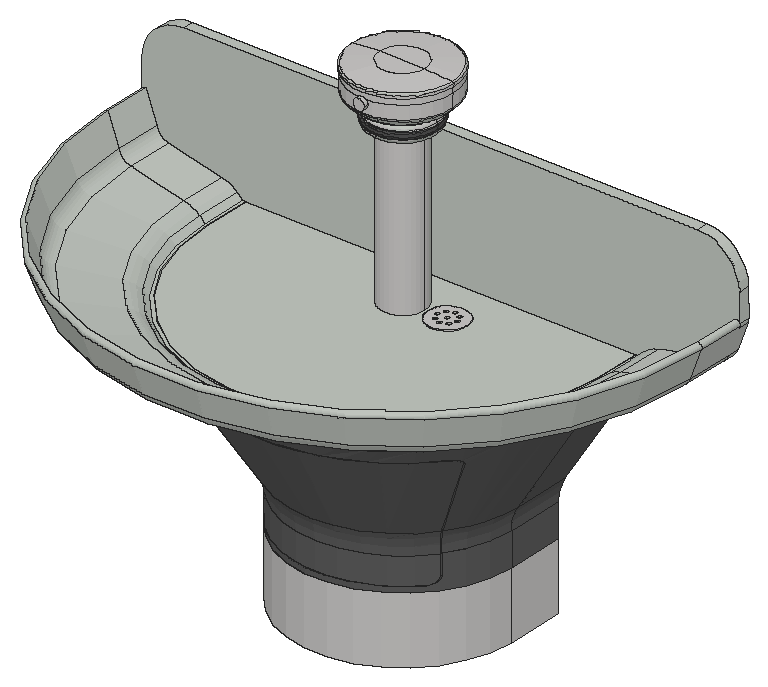
Revit family "Washfountain_Lavatory-Bradley_Corp-TDB3104-Type_H_Drain", category Plumbing Fixtures, Revit 2012
Parameters (values of type "Juvenile")
  Width = 54.000"
  Warranty Information = "Terreon® material warranted for ten years. All other components warranted for one year. This warranty does not cover installation or any other labor charges and does not apply to any units, which have been damaged by accident, abuse, improper installation, improper maintenance, or altered in any way."
  WFU = 0
  Voltage = 110 V
  Version = "2.0"
  Vent Radius = Vent / 2  # 3/4"
  Vent = 1 1/2"
  URL = "http://www.bradleycorp.com/"
  Towel Dispenser Holder [instance] = if(and(Soap Dispenser, Model ID = 2), 4.560", if(and(Soap Dispenser, Model ID = 1), 5.060", 4.396"))  # 4.396"
  Towel Dispenser Height [instance] = if(and(Soap Dispenser, Model ID = 2), 60.310", if(and(Soap Dispenser, Model ID = 1), 56.310", if(and(No Soap Dispenser, Model ID = 2), 51.810", 47.810")))  # 47.810"
  TouchTime® Control [instance] = yes
  Technical Data = "n/a"
  Supply Height [instance] = if(and(Towel Dispenser, Soap Dispenser, Model ID = 2), 80.313", if(and(Towel Dispenser, No Soap Dispenser, Model ID = 2), 71.813", (if(and(No Towel Dispenser, Soap Dispenser, Model ID = 2), 55.750", (if(and(No Towel Dispenser, No Soap Dispenser, Model ID = 2), 47.414", if(and(Towel Dispenser, Soap Dispenser, Model ID = 1), 75.813", if(and(Towel Dispenser, No Soap Dispenser, Model ID = 1), 67.313", if(and(No Towel Dispenser, Soap Dispenser, Model ID = 1), 51.250", 43.414")))))))))  # 43.414"
  Standard Height = Model ID = 2  # no
  Spray Head Height = 39.719"
  Specifications URL = "http://www.bradleycorp.com/3partspec"
  Soap Dispenser Height = 51.250"
  Sensor Module Height = 43.414"
  Rim Height = 30.000"
  Product Tech Data URL - Spanish = ""
  Product Tech Data URL - French = ""
  Product Tech Data URL - English = "http://bradleycorp.com/download/1293/2055.pdf"
  Pedestal Material = Fibreglass - Bradley Corp - Black
  Pedestal Height = 23.500"
  Operating Water Pressure Range = "20 - 80 PSI"
  OmniClass Title = "Sinks/Lavatories"
  OmniClass Table 23 Title = "Sinks/Lavatories"
  OmniClass Table 23 Number = "23-31 13 00"
  OmniClass Table 21 Title = "Plumbing Fixtures"
  OmniClass Table 21 Number = "21-04 20 10 60"
  No Towel Dispenser [instance] = not(Towel Dispenser)  # yes
  No Soap Dispenser [instance] = not(Soap Dispenser)  # yes
  Modeling Code = ""
  Model ID = 1
  Model = "TDB3104"
  Material Note = "Other Terreon® colors available - See www.bradleycorp.com "
  MasterFormat Title = "Commercial Lavatories and Sinks"
  MasterFormat Number = "22 42 16"
  Manufacturer = "Bradley Corp"
  Juvenile Height = Model ID = 1  # yes
  Industry Standards = " ANSI Z124.3, Z124.6 and ANSI/ICPA SS-1-2001"
  Hot Lavatory Inlet Secondary Radius = Hot Lavatory Inlet Secondary / 2  # 1/2"
  Hot Lavatory Inlet Secondary = 1"
  Hot Lavatory Inlet Primary Radius = Hot Lavatory Inlet Primary / 2  # 1/2"
  Hot Lavatory Inlet Primary = 1"
  HWFU = 0
  Frequency = 50 Hz
  Flow Rate = 2.5 GPM
  Fire Rating = "n/a"
  Drain Radius = Drain / 2  # 1"
  Drain = 2"
  Description = "54\" Semi-Circular, Deep Bowl Washfountain"
  Copyright = "This Model Data is Property of Bradley Corporation"
  Cold Lavatory Inlet Secondary Radius = Cold Lavatory Inlet Secondary / 2  # 1/2"
  Cold Lavatory Inlet Secondary = 1"
  Cold Lavatory Inlet Primary Radius = Cold Lavatory Inlet Primary / 2  # 1/2"
  Cold Lavatory Inlet Primary = 1"
  CWFU = 0
  Buy American Act = "No"
  Button Visibility [instance] = or(TouchTime® Control, Air Valve Hand Control)  # yes
  Bowl Material [instance] = Stone - Bradley Corp - Empire Gray
  Assembly Code = "D2010300"
  Air Valve Hand Control [instance] = no
  Adaptive Infrared Activation Control [instance] = no
  ADA Compliant = "Yes"
  Soap Dispenser [instance] = no
  Towel Dispenser [instance] = no
Reference planes (in)
  plane 1 "Center (Front/Back)": y = 0
  plane 2: z = 0
  plane 3 "Center (Left/Right)": x = 0
  plane 4 "Left": x = -27
  plane 5 "Right": x = 27
  plane 6 "Towel Dispenser": z = 47.81
  plane 7 "Soap Dispenser": z = 51.25
  plane 8 "Sensor Module": z = 43.414
  plane 9 "Spray Head": z = 39.719
  plane 10 "Rim Height": z = 30
  plane 11 "Pedestal Height": z = 23.5
  plane 12: y = -32.24695
  plane 13: y = -5.3402
Forms (in)
  Extrusion 1, solid, material "Stainless Steel - Bradley Corp - Satin"
    sketch origin (0, 0, 0) x (1, 0, 0) y (0, 1, 0)
      loop
        arc (-9.75, -5.25) -> (0, -15) -> (9.75, -5.25) r 9.75
        line (9.75, -5.25) -> (9.75, 0) -> (-9.75, 0) -> (-9.75, -5.25)
    from 0 to 6.02
  Sweep 2, solid, material "Fibreglass - Bradley Corp - Black" <- "Pedestal Material", detail levels coarse
    path in 3D
      loop
        line (-9.75, 0, 6.02) -> (-9.75, -5.25, 6.02)
        arc (-9.75, -5.25, 6.02) -> (0, -15, 6.02) -> (9.75, -5.25, 6.02) r 9.75
        line (9.75, -5.25, 6.02) -> (9.75, 0, 6.02)
    profile origin (-9.75, -2.625, 6.02) x (1, 0, 0) y (0, 0, 1)
      loop
        line (-0.62812, 5.13184) -> (0, 2.98) -> (0, 0) -> (0.5, 0) -> (0.5, 2.98) -> (-0.20663, 5.40082) -> (-6.67795, 15.54125) -> (-7.23012, 17.48) -> (-7.75, 17.48) -> (-7.13879, 15.33394) -> (-0.62812, 5.13184)
  Sweep 3, solid, material "Fibreglass - Bradley Corp - Black" <- "Pedestal Material", detail levels medium+fine
    path in 3D
      loop
        line (-9.75, 0, 6.02) -> (-9.75, -5.25, 6.02)
        arc (-9.75, -5.25, 6.02) -> (0, -15, 6.02) -> (9.75, -5.25, 6.02) r 9.75
        line (9.75, -5.25, 6.02) -> (9.75, 0, 6.02)
    profile origin (-9.75, -2.625, 6.02) x (1, 0, 0) y (0, 0, 1)
      loop
        line (-7.13879, 15.33394) -> (-0.62812, 5.13184)
        arc (-0.62812, 5.13184) -> (-0.16024, 4.10082) -> (0, 2.98) r 4
        line (0, 2.98) -> (0, 0) -> (0.5, 0) -> (0.5, 2.98) -> (-0.20663, 5.40082) -> (-6.67795, 15.54125) -> (-7.23012, 17.48) -> (-7.61822, 17.48)
        arc (-7.61822, 17.48) -> (-7.70221, 17.43276) -> (-7.72517, 17.33917) r 0.12116
        arc (-7.72517, 17.33917) -> (-7.49023, 16.31952) -> (-7.13879, 15.33394) r 9.0211
  Sweep 4, solid, material "Stone - Bradley Corp - Empire Gray" <- "Bowl Material", visible <- "Standard Height", detail levels coarse
    path in 3D
      loop
        line (-9.75, -0.99695, 6.02) -> (-9.75, -5.25, 6.02)
        arc (-9.75, -5.25, 6.02) -> (0, -15, 6.02) -> (9.75, -5.25, 6.02) r 9.75
        line (9.75, -5.25, 6.02) -> (9.75, -0.99695, 6.02)
    profile origin (-9.75, -3.12347, 6.02) x (1, 0, 0) y (0, 0, 1)
      loop
        line (-8.69027, 19.99893) -> (-8.25, 17.48) -> (-7.74242, 17.48) -> (-7.74242, 17.98) -> (-8.22286, 20.22877) -> (-9.87228, 22.03159) -> (-14.93805, 23.3892) -> (-16.52873, 27.98) -> (-17.05789, 27.98) -> (-15.32366, 22.9749) -> (-10.14268, 21.58641) -> (-8.69027, 19.99893)
  Sweep 5, solid, material "Stone - Bradley Corp - Empire Gray" <- "Bowl Material", visible <- "Standard Height", detail levels medium+fine
    path in 3D
      loop
        line (-9.75, -0.99695, 6.02) -> (-9.75, -5.25, 6.02)
        arc (-9.75, -5.25, 6.02) -> (0, -15, 6.02) -> (9.75, -5.25, 6.02) r 9.75
        line (9.75, -5.25, 6.02) -> (9.75, -0.99695, 6.02)
    profile origin (-9.75, -3.12347, 6.02) x (1, 0, 0) y (0, 0, 1)
      loop
        arc (-16.68727, 27.98028) -> (-16.93198, 27.88933) -> (-17.05789, 27.66063) r 0.37468
        line (-17.05789, 27.66063) -> (-17.21443, 26.6064)
        arc (-17.21443, 26.6064) -> (-17.23048, 26.36063) -> (-17.2061, 26.11555) r 1.5
        line (-17.2061, 26.11555) -> (-16.95433, 24.74241)
        arc (-16.95433, 24.74241) -> (-16.39494, 23.62252) -> (-15.32366, 22.9749) r 2.25
        line (-15.32366, 22.9749) -> (-10.14268, 21.58641)
        arc (-10.14268, 21.58641) -> (-9.1848, 21.00462) -> (-8.69027, 19.99893) r 2
        line (-8.69027, 19.99893) -> (-8.26736, 17.57934)
        arc (-8.26736, 17.57934) -> (-8.22636, 17.50813) -> (-8.14915, 17.48) r 0.12
        line (-8.14915, 17.48) -> (-7.74242, 17.48) -> (-7.74242, 17.98)
        arc (-7.74242, 17.98) -> (-7.8103, 18.00475) -> (-7.84632, 18.06737) r 0.10547
        line (-7.84632, 18.06737) -> (-8.19748, 20.08354)
        arc (-8.19748, 20.08354) -> (-8.8154, 21.34158) -> (-10.01324, 22.06937) r 2.5
        line (-10.01324, 22.06937) -> (-15.19423, 23.45786)
        arc (-15.19423, 23.45786) -> (-16.02745, 23.96157) -> (-16.46253, 24.83259) r 1.75
        line (-16.46253, 24.83259) -> (-16.7143, 26.20573)
        arc (-16.7143, 26.20573) -> (-16.73056, 26.36911) -> (-16.71985, 26.53296) r 1
        line (-16.71985, 26.53296) -> (-16.50494, 27.98028) -> (-16.68727, 27.98028)
  Extrusion 6, solid, material "Stone - Bradley Corp - Empire Gray" <- "Bowl Material", visible <- "Standard Height", detail levels medium+fine
    sketch origin (-21, 0, 40) x (-1, 0, 0) y (0, 0, -1)
      loop
        arc (2.05789, 0) -> (4.70954, 1.09835) -> (5.80789, 3.75) r 3.75
        line (5.80789, 3.75) -> (5.80789, 6.31937) -> (5.96443, 7.3736)
        arc (5.96443, 7.3736) -> (5.98048, 7.61937) -> (5.9561, 7.86445) r 1.5
        line (5.9561, 7.86445) -> (5.70433, 9.23759)
        arc (5.70433, 9.23759) -> (5.14494, 10.35748) -> (4.07366, 11.0051) r 2.25
        line (4.07366, 11.0051) -> (-1.10732, 12.39359)
        arc (-1.10732, 12.39359) -> (-2.0652, 12.97538) -> (-2.55973, 13.98107) r 2
        line (-2.55973, 13.98107) -> (-2.98264, 16.40066)
        arc (-2.98264, 16.40066) -> (-3.02364, 16.47187) -> (-3.10085, 16.5) r 0.12
        line (-3.10085, 16.5) -> (-38.89915, 16.5)
        arc (-38.89915, 16.5) -> (-38.97636, 16.47187) -> (-39.01736, 16.40066) r 0.12
        line (-39.01736, 16.40066) -> (-39.44027, 13.98107)
        arc (-39.44027, 13.98107) -> (-39.9348, 12.97538) -> (-40.89268, 12.39359) r 2
        line (-40.89268, 12.39359) -> (-46.07366, 11.0051)
        arc (-46.07366, 11.0051) -> (-47.14494, 10.35748) -> (-47.70433, 9.23759) r 2.25
        line (-47.70433, 9.23759) -> (-47.9561, 7.86445)
        arc (-47.9561, 7.86445) -> (-47.98048, 7.61937) -> (-47.96443, 7.3736) r 1.5
        line (-47.96443, 7.3736) -> (-47.80789, 6.31937) -> (-47.80789, 3.75)
        arc (-47.80789, 3.75) -> (-46.70954, 1.09835) -> (-44.05789, 0) r 3.75
        line (-44.05789, 0) -> (2.05789, 0)
    from 0 to 0.99695
  Extrusion 7, solid, material "Stone - Bradley Corp - Empire Gray" <- "Bowl Material", visible <- "Standard Height", detail levels coarse
    sketch origin (-21, 0, 40) x (-1, 0, 0) y (0, 0, -1)
      loop
        arc (2.05789, 0) -> (4.70954, 1.09835) -> (5.80789, 3.75) r 3.75
        line (5.80789, 3.75) -> (5.80789, 6) -> (4.07366, 11.0051) -> (-1.10732, 12.39359) -> (-2.55973, 13.98107) -> (-3, 16.5) -> (-39, 16.5) -> (-39.44027, 13.98107) -> (-40.89268, 12.39359) -> (-46.07366, 11.0051) -> (-47.80789, 6) -> (-47.80789, 3.75)
        arc (-47.80789, 3.75) -> (-46.70954, 1.09835) -> (-44.05789, 0) r 3.75
        line (-44.05789, 0) -> (2.05789, 0)
    from 0 to 0.99695
  Extrusion 8, solid, material "Stone - Bradley Corp - Empire Gray" <- "Bowl Material"
    sketch origin (0, 0, 0) x (1, 0, 0) y (0, 1, 0)
      loop
        arc (-17.49242, -5.25) -> (0, -22.74242) -> (17.49242, -5.25) r 17.49242
        line (17.49242, -5.25) -> (17.49242, -0.99695) -> (-17.49242, -0.99695) -> (-17.49242, -5.25)
      loop
        circle (4, -5.24635) r 1.75
    from 23.5 to 24
  Extrusion 9, solid, material "Fibreglass - Bradley Corp - Black" <- "Pedestal Material"
    sketch origin (0, 0, 0) x (1, 0, 0) y (0, 0, 1)
      loop
        line (16.42795, 21.56125) -> (16.98012, 23.5) -> (-16.98012, 23.5) -> (-16.42795, 21.56125) -> (-9.95663, 11.42082) -> (-9.25, 9) -> (-9.25, 6.02) -> (9.25, 6.02) -> (9.25, 9) -> (9.95663, 11.42082) -> (16.42795, 21.56125)
    from 0 to 0.99695
  Sweep 10, solid, material "Stone - Bradley Corp - Empire Gray" <- "Bowl Material", visible <- "Juvenile Height", detail levels coarse
    path in 3D
      loop
        line (-9.75, -0.99695, 6.02) -> (-9.75, -5.25, 6.02)
        arc (-9.75, -5.25, 6.02) -> (0, -15, 6.02) -> (9.75, -5.25, 6.02) r 9.75
        line (9.75, -5.25, 6.02) -> (9.75, -0.99695, 6.02)
    profile origin (-9.75, -3.12347, 6.02) x (1, 0, 0) y (0, 0, 1)
      loop
        line (-17.05789, 23.48016) -> (-15.79641, 19.98631) -> (-9.31066, 18.54066) -> (-8.25, 17.48) -> (-7.74242, 17.48) -> (-7.74242, 17.98) -> (-8.04289, 17.98) -> (-9.05994, 18.99705) -> (-15.42026, 20.41473) -> (-16.71791, 23.98) -> (-17.05789, 23.98) -> (-17.05789, 23.48016)
  Sweep 11, solid, material "Stone - Bradley Corp - Empire Gray" <- "Bowl Material", visible <- "Juvenile Height", detail levels medium+fine
    path in 3D
      loop
        line (-9.75, -0.99695, 6.02) -> (-9.75, -5.25, 6.02)
        arc (-9.75, -5.25, 6.02) -> (0, -15, 6.02) -> (9.75, -5.25, 6.02) r 9.75
        line (9.75, -5.25, 6.02) -> (9.75, -0.99695, 6.02)
    profile origin (-9.75, -3.12347, 6.02) x (1, 0, 0) y (0, 0, 1)
      loop
        line (-17.06017, 23.47983) -> (-16.09625, 20.81009)
        arc (-16.09625, 20.81009) -> (-15.56078, 20.13316) -> (-14.78237, 19.76028) r 1.9141
        line (-14.78237, 19.76028) -> (-9.98471, 18.6909)
        arc (-9.98471, 18.6909) -> (-9.38001, 18.4665) -> (-8.85786, 18.08786) r 2.37805
        line (-8.85786, 18.08786) -> (-8.25, 17.48) -> (-7.74242, 17.48) -> (-7.74242, 17.98) -> (-8.04289, 17.98) -> (-8.508, 18.44511)
        arc (-8.508, 18.44511) -> (-9.14156, 18.90599) -> (-9.87593, 19.17893) r 2.87805
        line (-9.87593, 19.17893) -> (-14.6736, 20.2483)
        arc (-14.6736, 20.2483) -> (-15.3549, 20.61776) -> (-15.73914, 21.29084) r 1.4141
        line (-15.73914, 21.29084) -> (-16.71803, 23.98032)
        arc (-16.71803, 23.98032) -> (-17.01718, 23.81764) -> (-17.06017, 23.47983) r 0.3737
  Extrusion 12, solid, material "Stone - Bradley Corp - Empire Gray" <- "Bowl Material", visible <- "Juvenile Height", detail levels medium+fine
    sketch origin (-33.92149, 0, 36) x (1, 0, 0) y (0, 0, 1)
      loop
        arc (10.8636, 0) -> (8.21195, -1.09835) -> (7.1136, -3.75) r 3.75
        line (7.1136, -3.75) -> (7.1136, -6.29359)
        arc (7.1136, -6.29359) -> (7.12237, -6.47702) -> (7.16726, -6.6551) r 0.92368
        line (7.16726, -6.6551) -> (8.07524, -9.16991)
        arc (8.07524, -9.16991) -> (8.61071, -9.84684) -> (9.38912, -10.21972) r 1.9141
        line (9.38912, -10.21972) -> (14.18678, -11.2891)
        arc (14.18678, -11.2891) -> (14.79148, -11.5135) -> (15.31363, -11.89214) r 2.37805
        line (15.31363, -11.89214) -> (15.92149, -12.5) -> (51.92149, -12.5) -> (52.52935, -11.89214)
        arc (52.52935, -11.89214) -> (53.05151, -11.5135) -> (53.6562, -11.2891) r 2.37805
        line (53.6562, -11.2891) -> (58.45386, -10.21972)
        arc (58.45386, -10.21972) -> (59.23227, -9.84684) -> (59.76774, -9.16991) r 1.9141
        line (59.76774, -9.16991) -> (60.67573, -6.6551)
        arc (60.67573, -6.6551) -> (60.72061, -6.47702) -> (60.72938, -6.29359) r 0.92368
        line (60.72938, -6.29359) -> (60.72938, -3.75)
        arc (60.72938, -3.75) -> (59.63103, -1.09835) -> (56.97938, 0) r 3.75
        line (56.97938, 0) -> (10.8636, 0)
    from 0 to 0.99695
  Extrusion 13, solid, material "Stone - Bradley Corp - Empire Gray" <- "Bowl Material", visible <- "Juvenile Height", detail levels coarse
    sketch origin (-33.92149, 0, 36) x (1, 0, 0) y (0, 0, 1)
      loop
        line (60.72938, -6.52782) -> (60.72938, -3.75)
        arc (60.72938, -3.75) -> (59.63103, -1.09835) -> (56.97938, 0) r 3.75
        line (56.97938, 0) -> (10.8636, 0)
        arc (10.8636, 0) -> (8.21195, -1.09835) -> (7.1136, -3.75) r 3.75
        line (7.1136, -3.75) -> (7.1136, -6.52782) -> (8.37508, -9.99369) -> (14.86083, -11.43934) -> (15.92149, -12.5) -> (51.92149, -12.5) -> (52.98215, -11.43934) -> (59.46791, -9.99369) -> (60.72938, -6.52782)
    from 0 to 0.99695
  Extrusion 14, solid, material "Stainless Steel - Bradley Corp - Polished", detail levels medium+fine
    sketch origin (0, 0, 24) x (1, 0, 0) y (0, 1, 0)
      loop
        circle (4, -5.24635) r 1.75
      loop
        circle (4, -5.24635) r 0.1842
      loop
        circle (4, -4.36864) r 0.1842
      loop
        circle (3.12229, -5.24635) r 0.1842
      loop
        circle (4, -6.12406) r 0.1842
      loop
        circle (4.87771, -5.24635) r 0.1842
      loop
        circle (4.62063, -4.62571) r 0.1842
      loop
        circle (3.37937, -4.62571) r 0.1842
      loop
        circle (3.37937, -5.86698) r 0.1842
      loop
        circle (4.62063, -5.86698) r 0.1842
    from 0 to 0.04618
  Extrusion 15, solid, material "Stainless Steel - Bradley Corp - Satin"
    sketch origin (0, 0, 0) x (1, 0, 0) y (0, 1, 0)
      loop
        circle (0, -5.25) r 2
    from 24 to 40.24213
  Extrusion 16, void
    sketch origin (-33.92149, 0, 36) x (1, 0, 0) y (0, 0, 1)
      loop
        arc (21.39394, -16) -> (21.10481, -16.23564) -> (21.11292, -16.60855) r 0.42493
        line (21.11292, -16.60855) -> (25.4255, -24.84746)
        spline (25.4255, -24.84746) -> (25.50604, -25.0095) -> (25.5802, -25.17601) -> (25.64781, -25.34661) -> (25.70871, -25.52093) -> (25.76278, -25.69857) -> (25.80989, -25.87913) -> (25.84992, -26.06221) -> (25.88281, -26.2474) -> (25.90846, -26.43428) -> (25.92682, -26.62243) -> (25.93786, -26.81142) -> (25.94154, -27.00085)
        line (25.94154, -27.00085) -> (25.94154, -28.87883)
        arc (25.94154, -28.87883) -> (26.1194, -29.30039) -> (26.54548, -29.46715) r 0.58852
        line (26.54548, -29.46715) -> (41.26976, -29.46715)
        arc (41.26976, -29.46715) -> (41.73411, -29.26588) -> (41.92524, -28.79728) r 0.67003
        line (41.92524, -28.79728) -> (41.92524, -26.85223)
        spline (41.92524, -26.85223) -> (41.92867, -26.6698) -> (41.93898, -26.48774) -> (41.95613, -26.30645) -> (41.98009, -26.12631) -> (42.01081, -25.9477) -> (42.04822, -25.77099) -> (42.09225, -25.59655) -> (42.14281, -25.42475) -> (42.19978, -25.25596) -> (42.26305, -25.09052) -> (42.33248, -24.92878) -> (42.40793, -24.7711)
        line (42.40793, -24.7711) -> (46.72897, -16.61066)
        arc (46.72897, -16.61066) -> (46.73867, -16.23672) -> (46.44904, -16) r 0.42493
        line (46.44904, -16) -> (21.39394, -16)
      loop
        line (41.8496, -28.82388) -> (41.8496, -27.03567)
        spline (41.8496, -27.03567) -> (41.85127, -26.8354) -> (41.86049, -26.63547) -> (41.87721, -26.43629) -> (41.90141, -26.23827) -> (41.93303, -26.04183) -> (41.97203, -25.84739) -> (42.01837, -25.65534) -> (42.07191, -25.46608) -> (42.13254, -25.28) -> (42.20012, -25.09749) -> (42.27452, -24.91892) -> (42.35562, -24.74468)
        line (42.35562, -24.74468) -> (46.67712, -16.58338)
        arc (46.67712, -16.58338) -> (46.68672, -16.26403) -> (46.44203, -16.05859) r 0.36634
        line (46.44203, -16.05859) -> (21.40095, -16.05859)
        arc (21.40095, -16.05859) -> (21.15669, -16.26309) -> (21.16491, -16.58154) r 0.36634
        line (21.16491, -16.58154) -> (25.4774, -24.82026)
        spline (25.4774, -24.82026) -> (25.55904, -24.98455) -> (25.63417, -25.15332) -> (25.70267, -25.32619) -> (25.76437, -25.50277) -> (25.81915, -25.68266) -> (25.86687, -25.86548) -> (25.90738, -26.05083) -> (25.94064, -26.23829) -> (25.9666, -26.42745) -> (25.98519, -26.61787) -> (25.99639, -26.80915) -> (26.00013, -27.00085)
        line (26.00013, -27.00085) -> (26.00013, -28.87883)
        arc (26.00013, -28.87883) -> (26.16055, -29.25868) -> (26.54469, -29.40855) r 0.52993
        line (26.54469, -29.40855) -> (41.26493, -29.40855)
        arc (41.26493, -29.40855) -> (41.67835, -29.23731) -> (41.8496, -28.82388) r 0.58467
    from 7.94 to 24.01788
  Extrusion 17, solid, material "Stainless Steel - Bradley Corp - Polished", visible <- "Soap Dispenser"
    sketch origin (0, 0, 0) x (1, 0, 0) y (0, 1, 0)
      loop
        circle (0, -5.25) r 2
    from 43.414 to 45.25
  Extrusion 18, solid, material "Stainless Steel - Bradley Corp - Polished", visible <- "Towel Dispenser"
    sketch origin (-5.56458, -2.11186, 47.81) x (0, 0, 1) y (0.866025, 0.5, 0)
      loop
        line (0, 0) -> (0, -1.75) -> (1.375, -4) -> (14.625, -4) -> (15.3125, 0) -> (0, 0)
    from -11 to 0
  Extrusion 19, solid, material "Stainless Steel - Bradley Corp - Polished", visible <- "Towel Dispenser"
    sketch origin (5.56458, -2.11186, 47.81) x (0, 0, 1) y (0.866025, -0.5, 0)
      loop
        line (0, 0) -> (15.3125, 0) -> (14.625, 4) -> (1.375, 4) -> (0, 1.75) -> (0, 0)
    from -11 to 0
  Extrusion 20, solid, material "Stainless Steel - Bradley Corp - Polished", visible <- "Towel Dispenser"
    sketch origin (-18.13744, 0, 47.81) x (-1, 0, 0) y (0, -1, 0)
      loop
        line (-18.07285, 11.63814) -> (-18.20202, 11.63814) -> (-23.70202, 2.11186) -> (-23.59038, 2.04741) -> (-12.68449, 2.04741) -> (-12.57285, 2.11186) -> (-18.07285, 11.63814)
      loop
        circle (-18.13744, 5.25) r 2
    from 14.625 to 14.125
  Revolve 21, solid, material "Stainless Steel - Bradley Corp - Polished", detail levels coarse+medium
    sketch origin (-27, -5.25, 43.414) x (1, 0, 0) y (0, 0, 1)
      loop
        line (27, -3.17187) -> (27, 0) -> (22.4245, 0) -> (22.4245, -2.34747) -> (23.2489, -3.17187) -> (27, -3.17187)
      loop
        line (27, -5.10281) -> (27, -3.69531) -> (24.32008, -3.69531) -> (23.875, -4.14039) -> (23.875, -4.64024) -> (24.33758, -5.10281) -> (27, -5.10281)
      axis (27, 0) -> (27, -5.10281)
    angle from 0 to 360
  Revolve 22, solid, material "Stainless Steel - Bradley Corp - Polished", detail levels fine
    sketch origin (-27, -5.25, 43.414) x (1, 0, 0) y (0, 0, 1)
      loop
        arc (22.54844, -0.19977) -> (22.46021, -0.24285) -> (22.4245, -0.33431) r 0.135
        line (22.4245, -0.33431) -> (22.4245, -0.56995) -> (22.5, -0.56995) -> (22.5, -1.11431) -> (22.5, -2.31832)
        arc (22.5, -2.31832) -> (22.51903, -2.41399) -> (22.57322, -2.4951) r 0.25
        line (22.57322, -2.4951) -> (23.17678, -3.09865)
        arc (23.17678, -3.09865) -> (23.25788, -3.15284) -> (23.35355, -3.17187) r 0.25
        line (23.35355, -3.17187) -> (27, -3.17187) -> (27, 0.00105) -> (24.992, 0.00105) -> (22.54844, -0.19977)
      loop
        arc (23.965, -4.75781) -> (24.06605, -5.00176) -> (24.31, -5.10281) r 0.345
        line (24.31, -5.10281) -> (27, -5.10281) -> (27, -3.69531) -> (24.31, -3.69531)
        arc (24.31, -3.69531) -> (24.06605, -3.79636) -> (23.965, -4.04031) r 0.345
        line (23.965, -4.04031) -> (23.965, -4.14039)
        arc (23.965, -4.14039) -> (23.90115, -4.16911) -> (23.875, -4.23406) r 0.09375
        line (23.875, -4.23406) -> (23.875, -4.54656)
        arc (23.875, -4.54656) -> (23.90115, -4.61151) -> (23.965, -4.64024) r 0.09375
        line (23.965, -4.64024) -> (23.965, -4.75781)
      axis (27, 0.00105) -> (27, -5.10281)
    angle from 0 to 360
  Extrusion 23, solid, material "Stainless Steel - Bradley Corp - Polished", visible <- "Soap Dispenser", detail levels fine
    sketch origin (-27, 0, 51.25) x (1, 0, 0) y (0, 0, 1)
      loop
        line (20.84438, -1) -> (20.96998, -1) -> (20.96998, -1.64327) -> (21.01796, -1.64327) -> (21.01796, -2.89327) -> (21.07058, -2.89327) -> (21.07058, -4.14327) -> (21.1232, -4.14327) -> (21.1232, -5.39327) -> (21.19098, -5.39327) -> (21.19098, -6) -> (32.80902, -6) -> (32.80902, -5.39327) -> (32.8768, -5.39327) -> (32.8768, -4.14327) -> (32.92942, -4.14327) -> (32.92942, -2.89327) -> (32.98204, -2.89327) -> (32.98204, -1.64327) -> (33.03002, -1.64327) -> (33.03002, -1) -> (33.15562, -1) -> (33.15562, -0.375)
        arc (33.15562, -0.375) -> (32.17951, -0.12076) -> (31.17808, 0) r 7.48907
        line (31.17808, 0) -> (22.82192, 0)
        arc (22.82192, 0) -> (21.82049, -0.12076) -> (20.84438, -0.375) r 7.48907
        line (20.84438, -0.375) -> (20.84438, -1)
    from 3.06766 to 5.3402
  Extrusion 24, solid, material "Stainless Steel - Bradley Corp - Polished", visible <- "Soap Dispenser", detail levels coarse+medium
    sketch origin (-27, 0, 51.25) x (1, 0, 0) y (0, 0, 1)
      loop
        line (20.88289, -1) -> (21.19098, -6) -> (32.80902, -6) -> (33.11711, -1) -> (20.88289, -1)
    from 3.06766 to 5.3402
  Revolve 25, solid, material "Stainless Steel - Bradley Corp - Polished", visible <- "Soap Dispenser", detail levels fine
    sketch origin (-27, -5.3402, 51.25) x (1, 0, 0) y (0, 0, 1)
      loop
        line (20.96998, -1.64327) -> (21.01796, -1.64327) -> (21.01796, -2.89327) -> (21.07058, -2.89327) -> (21.07058, -4.14327) -> (21.1232, -4.14327) -> (21.1232, -5.39327) -> (21.19098, -5.39327) -> (21.19098, -6) -> (27, -6) -> (27, 0) -> (22.82192, 0)
        arc (22.82192, 0) -> (21.82049, -0.12076) -> (20.84438, -0.375) r 7.48907
        line (20.84438, -0.375) -> (20.84438, -1) -> (20.96998, -1) -> (20.96998, -1.64327)
      axis (27, 0) -> (27, -6)
    angle from 360 to 180
  Revolve 26, solid, material "Stainless Steel - Bradley Corp - Polished", visible <- "Soap Dispenser", detail levels coarse+medium
    sketch origin (-27, -5.3402, 51.25) x (1, 0, 0) y (0, 0, 1)
      loop
        line (27, -6) -> (27, -1) -> (20.88289, -1) -> (21.19098, -6) -> (27, -6)
      axis (27, -1) -> (27, -6)
    angle from 360 to 180
  Extrusion 27, solid, material "Stainless Steel - Bradley Corp - Polished", visible <- "Towel Dispenser"
    sketch origin (0, 0, 47.81) x (-1, 0, 0) y (0, -1, 0)
      loop
        circle (0, 5.25) r 2
    from -4.396 to 16.3125
  Extrusion 28, solid, material "Stainless Steel - Bradley Corp - Polished", visible <- "Towel Dispenser"
    sketch origin (0, 0, 47.81) x (-1, 0, 0) y (0, -1, 0)
      loop
        line (-5.45295, 2.04741) -> (5.45295, 2.04741) -> (5.56458, 2.11186) -> (0.06458, 11.63814) -> (-0.06458, 11.63814) -> (-5.56458, 2.11186) -> (-5.45295, 2.04741)
      loop
        circle (0, 5.25) r 2
    from 1.06293 to 1.56293
  Extrusion 29, solid, material "Stainless Steel - Bradley Corp - Polished", not visible
    sketch origin (0, 0, 47.81) x (-1, 0, 0) y (0, -1, 0)
      loop
        circle (0, 5.25) r 0.75
    from -47.81 to -4.396
  Extrusion 30, solid, material "Default", not visible
    sketch origin (0, 0, 0) x (1, 0, 0) y (0, 1, 0)
      loop
        circle (-7.625, -2) r 0.5
      loop
        circle (7.625, -2) r 0.5
    from 0 to 2.5
  Extrusion 31, solid, material "Default", not visible
    sketch origin (0, -27, 0) x (-1, 0, 0) y (0, 0, 1)
      loop
        circle (7.625, 12) r 0.5
      loop
        circle (-7.625, 12) r 0.5
      loop
        line (-0.5, 9) -> (-1.5, 9) -> (-1.5, 7) -> (-0.5, 7) -> (-0.5, 9)
    from 26 to 27
  Revolve 32, solid, material "Plastic - Bradley Corp - Black", visible <- "Soap Dispenser", detail levels coarse+medium
    sketch origin (-27, -5.3402, 51.25) x (1, 0, 0) y (0, 0, 1)
      loop
        line (20.82127, 0) -> (20.88289, -1) -> (27, -1) -> (27, 0) -> (20.82127, 0)
      axis (27, 0) -> (27, -1)
    angle from 180 to 360
  Extrusion 33, solid, material "Plastic - Bradley Corp - Black", visible <- "Soap Dispenser", detail levels coarse+medium
    sketch origin (-27, -5.3402, 51.25) x (1, 0, 0) y (0, 0, 1)
      loop
        line (20.88289, -1) -> (33.11711, -1) -> (33.17873, 0) -> (20.82127, 0) -> (20.88289, -1)
    from 0 to -2.27254
  Extrusion 34, solid, material "Stainless Steel - Bradley Corp - Polished", visible <- "Button Visibility"
    sketch origin (-27, -5.25, 43.414) x (1, 0, 0) y (0, 0, 1)
      loop
        circle (27, -1.45871) r 0.5
    from 4.91915 to 4.5755
  Extrusion 35, solid, material "Stainless Steel - Bradley Corp - Polished", visible <- "Button Visibility", detail levels fine
    sketch origin (-27, -5.25, 43.414) x (1, 0, 0) y (0, 0, 1)
      loop
        circle (27, -1.45871) r 0.25
    from 4.5 to 4.5755
  Extrusion 36, solid, material "Default", not visible, detail levels fine
    sketch origin (0, 0, 0) x (1, 0, 0) y (0, 1, 0)
      loop
        circle (-4, -5.25) r 1
    from 0 to 3
Cuts and joins
  joined: Sweep 11, Extrusion 12
  joined: Sweep 10, Extrusion 13
  Extrusion 16 cuts Sweep 3
  joined: Extrusion 23, Revolve 25
  joined: Extrusion 24, Revolve 26
  joined: Revolve 32, Extrusion 33
Lines and regions (in)
  Split face 1
    outline origin (-9.02868, -4.11186, 49.185) x (0.738964, 0.426641, -0.52145) y (0.5, -0.866025, 0)
      loop
        arc (0.59847, 1.4994) -> (1.34847, 0.7494) -> (2.09847, 1.4994) r 0.75
        line (2.09847, 1.4994) -> (2.09847, 9.5006)
        arc (2.09847, 9.5006) -> (1.34847, 10.2506) -> (0.59847, 9.5006) r 0.75
        line (0.59847, 9.5006) -> (0.59847, 1.4994)
  Split face 2
    outline origin (9.02868, -4.11186, 49.185) x (-0.738964, 0.426641, -0.52145) y (0.5, 0.866025, 0)
      loop
        line (0.59766, -1.49951) -> (0.59766, -9.5)
        arc (0.59766, -9.5) -> (1.34774, -10.25008) -> (2.09782, -9.5) r 0.75008
        line (2.09782, -9.5) -> (2.09782, -1.49951)
        arc (2.09782, -1.49951) -> (1.34774, -0.74943) -> (0.59766, -1.49951) r 0.75008
  Masking region 1
    outline origin (0, 0, 0) x (1, 0, 0) y (0, 0, 1)
      loop
        line (-9.75, 6.02) -> (-9.75, 0) -> (9.75, 0) -> (9.75, 6.02) -> (9.75, 9) -> (10.37812, 11.15184) -> (16.88879, 21.35394) -> (17.5, 23.5) -> (-17.5, 23.5) -> (-16.88879, 21.35394) -> (-10.37812, 11.15184) -> (-9.75, 9) -> (-9.75, 6.02)
  Masking region 2, visible <- "Juvenile Height", detail levels coarse
    outline origin (-33.92149, 0, 36) x (1, 0, 0) y (0, 0, 1)
      loop
        arc (10.8636, 0) -> (8.21195, -1.09835) -> (7.1136, -3.75) r 3.75
        line (7.1136, -3.75) -> (7.1136, -6.52782) -> (8.37508, -9.99369) -> (14.86083, -11.43934) -> (15.92149, -12.5) -> (51.92149, -12.5) -> (52.98215, -11.43934) -> (59.46791, -9.99369) -> (60.72938, -6.52782) -> (60.72938, -3.75)
        arc (60.72938, -3.75) -> (59.63103, -1.09835) -> (56.97938, 0) r 3.75
        line (56.97938, 0) -> (10.8636, 0)
  Masking region 3, visible <- "Juvenile Height", detail levels medium+fine
    outline origin (-33.92149, 0, 36) x (1, 0, 0) y (0, 0, 1)
      loop
        arc (10.8636, 0) -> (8.21195, -1.09835) -> (7.1136, -3.75) r 3.75
        line (7.1136, -3.75) -> (7.1136, -6) -> (7.44483, -6)
        arc (7.44483, -6) -> (7.17352, -6.11238) -> (7.06114, -6.38369) r 0.38369
        line (7.06114, -6.38369) -> (8.07524, -9.16991)
        arc (8.07524, -9.16991) -> (8.61071, -9.84684) -> (9.38912, -10.21972) r 1.9141
        line (9.38912, -10.21972) -> (14.18678, -11.2891)
        arc (14.18678, -11.2891) -> (14.79357, -11.51462) -> (15.31706, -11.89543) r 2.37805
        line (15.31706, -11.89543) -> (15.92163, -12.5) -> (51.92135, -12.5) -> (52.52592, -11.89543)
        arc (52.52592, -11.89543) -> (53.04941, -11.51462) -> (53.6562, -11.2891) r 2.37805
        line (53.6562, -11.2891) -> (58.45386, -10.21972)
        arc (58.45386, -10.21972) -> (59.23227, -9.84684) -> (59.76774, -9.16991) r 1.9141
        line (59.76774, -9.16991) -> (60.78184, -6.38369)
        arc (60.78184, -6.38369) -> (60.66946, -6.11238) -> (60.39815, -6) r 0.38369
        line (60.39815, -6) -> (60.72938, -6) -> (60.72938, -3.75)
        arc (60.72938, -3.75) -> (59.63103, -1.09835) -> (56.97938, 0) r 3.75
        line (56.97938, 0) -> (10.8636, 0)
  Masking region 4, visible <- "Standard Height", detail levels coarse
    outline origin (-21, 0, 40) x (-1, 0, 0) y (0, 0, -1)
      loop
        arc (2.05789, 0) -> (4.70954, 1.09835) -> (5.80789, 3.75) r 3.75
        line (5.80789, 3.75) -> (5.80789, 6) -> (4.07366, 11.0051) -> (-1.10732, 12.39359) -> (-2.55973, 13.98107) -> (-3, 16.5) -> (-39, 16.5) -> (-39.44027, 13.98107) -> (-40.89268, 12.39359) -> (-46.07366, 11.0051) -> (-47.80789, 6) -> (-47.80789, 3.75)
        arc (-47.80789, 3.75) -> (-46.70954, 1.09835) -> (-44.05789, 0) r 3.75
        line (-44.05789, 0) -> (2.05789, 0)
  Masking region 5, visible <- "Standard Height", detail levels medium+fine
    outline origin (-21, 0, 40) x (-1, 0, 0) y (0, 0, -1)
      loop
        arc (2.05789, 0) -> (4.70954, 1.09835) -> (5.80789, 3.75) r 3.75
        line (5.80789, 3.75) -> (5.80789, 6) -> (4.43462, 9.96335)
        arc (4.43462, 9.96335) -> (3.88072, 10.8061) -> (2.99781, 11.29343) r 2.09986
        line (2.99781, 11.29343) -> (-1.10732, 12.39359)
        arc (-1.10732, 12.39359) -> (-2.0652, 12.97538) -> (-2.55973, 13.98107) r 2
        line (-2.55973, 13.98107) -> (-3, 16.5) -> (-39, 16.5) -> (-39.44027, 13.98107)
        arc (-39.44027, 13.98107) -> (-39.9348, 12.97538) -> (-40.89268, 12.39359) r 2
        line (-40.89268, 12.39359) -> (-44.99781, 11.29343)
        arc (-44.99781, 11.29343) -> (-45.88072, 10.8061) -> (-46.43462, 9.96335) r 2.09986
        line (-46.43462, 9.96335) -> (-47.80789, 6) -> (-47.80789, 3.75)
        arc (-47.80789, 3.75) -> (-46.70954, 1.09835) -> (-44.05789, 0) r 3.75
        line (-44.05789, 0) -> (2.05789, 0)
  Masking region 6, visible <- "Towel Dispenser"
    outline origin (-18.13744, 0, 47.81) x (-1, 0, 0) y (0, 0, -1)
      loop
        line (-16.13744, -15.3125) -> (-12.57285, -15.3125) -> (-9.10875, -14.625) -> (-9.10875, -1.375) -> (-11.05731, 0) -> (-16.13744, 0) -> (-16.13744, 4.396) -> (-20.13744, 4.396) -> (-20.13744, 0) -> (-25.21756, 0) -> (-27.16612, -1.375) -> (-27.16612, -14.625) -> (-23.70202, -15.3125) -> (-20.13744, -15.3125) -> (-20.13744, -16.3125) -> (-16.13744, -16.3125) -> (-16.13744, -15.3125)
  Masking region 7, visible <- "Juvenile Height", detail levels coarse
    outline origin (-27, 0, 36) x (0, -1, 0) y (0, 0, 1)
      loop
        line (0.99695, -6) -> (0.99695, 0) -> (0, 0) -> (0, -12.5) -> (23.25, -12.5) -> (24.31061, -11.43939) -> (30.79572, -9.99562) -> (32.05789, -6.49984) -> (32.05789, -6) -> (0.99695, -6)
  Masking region 8, visible <- "Juvenile Height", detail levels medium+fine
    outline origin (-27, 0, 36) x (0, -1, 0) y (0, 0, 1)
      loop
        line (24.98186, -11.28995) -> (29.86237, -10.20341)
        arc (29.86237, -10.20341) -> (30.60525, -9.83626) -> (31.09468, -9.16759) r 1.74331
        line (31.09468, -9.16759) -> (32.05789, -6.49984)
        arc (32.05789, -6.49984) -> (32.01432, -6.15903) -> (31.70975, -6) r 0.37116
        line (31.70975, -6) -> (0.99695, -6) -> (0.99695, 0) -> (0, 0) -> (0, -12.5) -> (23.25, -12.5) -> (23.85786, -11.89214)
        arc (23.85786, -11.89214) -> (24.37535, -11.50796) -> (24.98186, -11.28995) r 2.20341
  Masking region 9
    outline origin (0, 0, 0) x (0, 1, 0) y (0, 0, 1)
      loop
        line (-15, 0) -> (0, 0) -> (0, 23.5) -> (-22.75417, 23.5) -> (-22.13879, 21.35394) -> (-15.62812, 11.15184) -> (-15, 9) -> (-15, 0)
  Masking region 10, visible <- "Soap Dispenser", detail levels fine
    outline origin (-27, -1.99582, 51.25) x (0, -1, 0) y (0, 0, 1)
      loop
        line (5.25418, -6) -> (9.1534, -6) -> (9.1534, -5.39327) -> (9.22117, -5.39327) -> (9.22117, -4.14327) -> (9.27379, -4.14327) -> (9.27379, -2.89327) -> (9.32616, -2.89327) -> (9.32616, -1.64327) -> (9.3744, -1.64327) -> (9.3744, -1) -> (9.5, -1) -> (9.5, -0.37547)
        arc (9.5, -0.37547) -> (8.5245, -0.11785) -> (7.52246, 0) r 7.15586
        line (7.52246, 0) -> (1.07183, 0) -> (1.07183, -6) -> (1.25, -6) -> (1.25, -7.836) -> (5.25418, -7.836) -> (5.25418, -6)
  Masking region 11, visible <- "Towel Dispenser"
    outline origin (-27, 0, 47.81) x (0, -1, 0) y (0, 0, 1)
      loop
        line (7.25, 16.3125) -> (3.25, 16.3125) -> (3.25, 15.3125) -> (2.11186, 15.3125) -> (2.11186, 0) -> (3.25, 0) -> (3.25, -4.396) -> (7.25, -4.396) -> (7.25, 0) -> (12.51314, 0) -> (13.63814, 1.375) -> (13.63814, 14.625) -> (11.63814, 15.3125) -> (7.25, 15.3125) -> (7.25, 16.3125)
  Masking region 12, visible <- "Soap Dispenser", detail levels coarse+medium
    outline origin (-27, -1.99582, 51.25) x (0, -1, 0) y (0, 0, 1)
      loop
        line (1.07183, 0) -> (1.07183, -6) -> (1.25, -6) -> (1.25, -7.836) -> (5.25418, -7.836) -> (5.25418, -6) -> (9.1534, -6) -> (9.52311, 0) -> (1.07183, 0)
  Masking region 13, visible <- "Soap Dispenser", detail levels coarse+medium
    outline origin (-27, 0, 51.25) x (1, 0, 0) y (0, 0, 1)
      loop
        line (20.82127, 0) -> (21.19098, -6) -> (25, -6) -> (25, -7.836) -> (29, -7.836) -> (29, -6) -> (32.80902, -6) -> (33.17873, 0) -> (20.82127, 0)
  Masking region 14, visible <- "Soap Dispenser", detail levels fine
    outline origin (-27, 0, 51.25) x (1, 0, 0) y (0, 0, 1)
      loop
        arc (22.82154, -0.0051) -> (21.82026, -0.12303) -> (20.84529, -0.37976) r 7.1951
        line (20.84529, -0.37976) -> (20.84529, -1) -> (20.96998, -1) -> (20.96998, -1.64327) -> (21.01796, -1.64327) -> (21.01796, -2.89327) -> (21.07058, -2.89327) -> (21.07058, -4.14327) -> (21.1232, -4.14327) -> (21.1232, -5.39327) -> (21.19098, -5.39327) -> (21.19098, -6) -> (25, -6) -> (25, -7.836) -> (29, -7.836) -> (29, -6) -> (32.80902, -6) -> (32.80902, -5.39327) -> (32.8768, -5.39327) -> (32.8768, -4.14327) -> (32.92942, -4.14327) -> (32.92942, -2.89327) -> (32.98204, -2.89327) -> (32.98204, -1.64327) -> (33.03002, -1.64327) -> (33.03002, -1.04433) -> (33.15562, -1.04433) -> (33.15562, -0.40421)
        arc (33.15562, -0.40421) -> (32.18571, -0.13036) -> (31.18569, -0.0051) r 6.69951
        line (31.18569, -0.0051) -> (22.82154, -0.0051)
  Masking region 15, detail levels coarse+medium
    outline origin (-27, -5.25, 43.414) x (1, 0, 0) y (0, 0, 1)
      loop
        line (22.4245, 0) -> (22.4245, -2.34747) -> (23.2489, -3.17187) -> (25, -3.17187) -> (25, -3.69531) -> (24.32008, -3.69531) -> (23.875, -4.14039) -> (23.875, -4.64024) -> (24.33758, -5.10281) -> (29.66242, -5.10281) -> (30.125, -4.64024) -> (30.125, -4.14039) -> (29.67992, -3.69531) -> (29, -3.69531) -> (29, -3.17187) -> (30.7511, -3.17187) -> (31.5755, -2.34747) -> (31.5755, 0) -> (22.4245, 0)
  Masking region 16, detail levels fine
    outline origin (-27, -5.25, 43.414) x (1, 0, 0) y (0, 0, 1)
      loop
        arc (22.54844, -0.19977) -> (22.46021, -0.24285) -> (22.4245, -0.33431) r 0.135
        line (22.4245, -0.33431) -> (22.4245, -0.56995) -> (22.5, -0.56995) -> (22.5, -1.11431) -> (22.5, -2.31832)
        arc (22.5, -2.31832) -> (22.51903, -2.41399) -> (22.57322, -2.4951) r 0.25
        line (22.57322, -2.4951) -> (23.17678, -3.09865)
        arc (23.17678, -3.09865) -> (23.25788, -3.15284) -> (23.35355, -3.17187) r 0.25
        line (23.35355, -3.17187) -> (25, -3.17187) -> (25, -3.69531) -> (24.31, -3.69531)
        arc (24.31, -3.69531) -> (24.06605, -3.79636) -> (23.965, -4.04031) r 0.345
        line (23.965, -4.04031) -> (23.965, -4.14039)
        arc (23.965, -4.14039) -> (23.90115, -4.16911) -> (23.875, -4.23406) r 0.09375
        line (23.875, -4.23406) -> (23.875, -4.54656)
        arc (23.875, -4.54656) -> (23.90115, -4.61151) -> (23.965, -4.64024) r 0.09375
        line (23.965, -4.64024) -> (23.965, -4.75781)
        arc (23.965, -4.75781) -> (24.06605, -5.00176) -> (24.31, -5.10281) r 0.345
        line (24.31, -5.10281) -> (29.69, -5.10281)
        arc (29.69, -5.10281) -> (29.93395, -5.00176) -> (30.035, -4.75781) r 0.345
        line (30.035, -4.75781) -> (30.035, -4.64024)
        arc (30.035, -4.64024) -> (30.09885, -4.61151) -> (30.125, -4.54656) r 0.09375
        line (30.125, -4.54656) -> (30.125, -4.23406)
        arc (30.125, -4.23406) -> (30.09885, -4.16911) -> (30.035, -4.14039) r 0.09375
        line (30.035, -4.14039) -> (30.035, -4.04031)
        arc (30.035, -4.04031) -> (29.93395, -3.79636) -> (29.69, -3.69531) r 0.345
        line (29.69, -3.69531) -> (29, -3.69531) -> (29, -3.17187) -> (30.64645, -3.17187)
        arc (30.64645, -3.17187) -> (30.74212, -3.15284) -> (30.82322, -3.09865) r 0.25
        line (30.82322, -3.09865) -> (31.42678, -2.4951)
        arc (31.42678, -2.4951) -> (31.48097, -2.41399) -> (31.5, -2.31832) r 0.25
        line (31.5, -2.31832) -> (31.5, -1.11431) -> (31.5, -0.56995) -> (31.5755, -0.56995) -> (31.5755, -0.33431)
        arc (31.5755, -0.33431) -> (31.53979, -0.24285) -> (31.45156, -0.19977) r 0.135
        line (31.45156, -0.19977) -> (29.008, 0.00105) -> (24.992, 0.00105) -> (22.54844, -0.19977)
  Masking region 17, detail levels fine
    outline origin (-27, -5.25, 43.414) x (0, 1, 0) y (0, 0, 1)
      loop
        line (4.45156, -0.19977) -> (2.008, 0.00105) -> (-2.008, 0.00105) -> (-4.45156, -0.19977)
        arc (-4.45156, -0.19977) -> (-4.53979, -0.24285) -> (-4.5755, -0.33431) r 0.135
        line (-4.5755, -0.33431) -> (-4.5755, -0.56995) -> (-4.5, -0.56995) -> (-4.5, -1.11431) -> (-4.5, -2.31832)
        arc (-4.5, -2.31832) -> (-4.48097, -2.41399) -> (-4.42678, -2.4951) r 0.25
        line (-4.42678, -2.4951) -> (-3.82322, -3.09865)
        arc (-3.82322, -3.09865) -> (-3.74212, -3.15284) -> (-3.64645, -3.17187) r 0.25
        line (-3.64645, -3.17187) -> (-2, -3.17187) -> (-2, -3.69531) -> (-2.69, -3.69531)
        arc (-2.69, -3.69531) -> (-2.93395, -3.79636) -> (-3.035, -4.04031) r 0.345
        line (-3.035, -4.04031) -> (-3.035, -4.14039)
        arc (-3.035, -4.14039) -> (-3.09885, -4.16911) -> (-3.125, -4.23406) r 0.09375
        line (-3.125, -4.23406) -> (-3.125, -4.54656)
        arc (-3.125, -4.54656) -> (-3.09885, -4.61151) -> (-3.035, -4.64024) r 0.09375
        line (-3.035, -4.64024) -> (-3.035, -4.75781)
        arc (-3.035, -4.75781) -> (-2.93395, -5.00176) -> (-2.69, -5.10281) r 0.345
        line (-2.69, -5.10281) -> (2.69, -5.10281)
        arc (2.69, -5.10281) -> (2.93395, -5.00176) -> (3.035, -4.75781) r 0.345
        line (3.035, -4.75781) -> (3.035, -4.64024)
        arc (3.035, -4.64024) -> (3.09885, -4.61151) -> (3.125, -4.54656) r 0.09375
        line (3.125, -4.54656) -> (3.125, -4.23406)
        arc (3.125, -4.23406) -> (3.09885, -4.16911) -> (3.035, -4.14039) r 0.09375
        line (3.035, -4.14039) -> (3.035, -4.04031)
        arc (3.035, -4.04031) -> (2.93395, -3.79636) -> (2.69, -3.69531) r 0.345
        line (2.69, -3.69531) -> (2, -3.69531) -> (2, -3.17187) -> (3.64645, -3.17187)
        arc (3.64645, -3.17187) -> (3.74212, -3.15284) -> (3.82322, -3.09865) r 0.25
        line (3.82322, -3.09865) -> (4.42678, -2.4951)
        arc (4.42678, -2.4951) -> (4.48097, -2.41399) -> (4.5, -2.31832) r 0.25
        line (4.5, -2.31832) -> (4.5, -1.11431) -> (4.5, -0.56995) -> (4.5755, -0.56995) -> (4.5755, -0.33431)
        arc (4.5755, -0.33431) -> (4.53979, -0.24285) -> (4.45156, -0.19977) r 0.135
  Masking region 18, detail levels coarse+medium
    outline origin (-27, -5.25, 43.414) x (0, 1, 0) y (0, 0, 1)
      loop
        line (2, -3.17187) -> (3.7511, -3.17187) -> (4.5755, -2.34747) -> (4.5755, 0) -> (-4.5755, 0) -> (-4.5755, -2.34747) -> (-3.7511, -3.17187) -> (-2, -3.17187) -> (-2, -3.69531) -> (-2.67992, -3.69531) -> (-3.125, -4.14039) -> (-3.125, -4.64024) -> (-2.66242, -5.10281) -> (2.66242, -5.10281) -> (3.125, -4.64024) -> (3.125, -4.14039) -> (2.67992, -3.69531) -> (2, -3.69531) -> (2, -3.17187)
  Masking region 19, visible <- "Standard Height", detail levels coarse
    outline origin (-27, 0.75, 40) x (0, -1, 0) y (0, 0, 1)
      loop
        line (0.75, 0) -> (0.75, -16.5) -> (24, -16.5) -> (24.44027, -13.98107) -> (25.89268, -12.39359) -> (31.07366, -11.0051) -> (32.80789, -6) -> (1.74695, -6) -> (1.74695, 0) -> (0.75, 0)
  Masking region 20, visible <- "Standard Height", detail levels medium+fine
    outline origin (-27, 0.75, 40) x (0, -1, 0) y (0, 0, 1)
      loop
        line (32.44374, -5.99972) -> (1.74695, -5.99972) -> (1.74695, 0) -> (0.75, 0) -> (0.75, -16.5) -> (23.90562, -16.5)
        arc (23.90562, -16.5) -> (23.98283, -16.47187) -> (24.02383, -16.40066) r 0.12
        line (24.02383, -16.40066) -> (24.44673, -13.98107)
        arc (24.44673, -13.98107) -> (24.94127, -12.97538) -> (25.89914, -12.39359) r 2
        line (25.89914, -12.39359) -> (31.08013, -11.0051)
        arc (31.08013, -11.0051) -> (32.15141, -10.35748) -> (32.71079, -9.23759) r 2.25
        line (32.71079, -9.23759) -> (32.96257, -7.86445)
        arc (32.96257, -7.86445) -> (32.98695, -7.61937) -> (32.9709, -7.3736) r 1.5
        line (32.9709, -7.3736) -> (32.81436, -6.31937)
        arc (32.81436, -6.31937) -> (32.68845, -6.09067) -> (32.44374, -5.99972) r 0.37468
  Masking region 21
    outline origin (0, 0, 30) x (-1, 0, 0) y (0, -1, 0)
      loop
        line (26.9807, 0) -> (26.9807, 5.25)
        arc (26.9807, 5.25) -> (0, 32.2307) -> (-26.9807, 5.25) r 26.9807
        line (-26.9807, 5.25) -> (-26.9807, 0) -> (26.9807, 0)
  Masking region 22
    outline origin (0, 0, 43.414) x (-1, 0, 0) y (0, -1, 0)
      loop
        circle (0, 5.25) r 4.5755
  Masking region 23, visible <- "Towel Dispenser"
    outline origin (0, 0, 47.81) x (-1, 0, 0) y (0, -1, 0)
      loop
        line (9.02868, 4.11186) -> (3.52868, 13.63814) -> (0.06458, 11.63814) -> (-0.06458, 11.63814) -> (-3.52868, 13.63814) -> (-9.02868, 4.11186) -> (-5.56458, 2.11186) -> (-5.45295, 2.04741) -> (5.45295, 2.04741) -> (5.56458, 2.11186) -> (9.02868, 4.11186)
      loop
        circle (0, 5.25) r 2
  Masking region 24, visible <- "Soap Dispenser"
    outline origin (0, 0, 51.25) x (-1, 0, 0) y (0, -1, 0)
      loop
        line (6.17873, 3.06766) -> (6.17873, 5.3402)
        arc (6.17873, 5.3402) -> (0, 11.51893) -> (-6.17873, 5.3402) r 6.17873
        line (-6.17873, 5.3402) -> (-6.17873, 3.06766) -> (6.17873, 3.06766)
  Masking region 25
    outline origin (-27, -5.25, 43.414) x (1, 0, 0) y (0, 0, 1)
      loop
        line (25, -5.10281) -> (25, -13.414) -> (29, -13.414) -> (29, -5.10281) -> (25, -5.10281)
  Masking region 26
    outline origin (0, 0, 0) x (0, 1, 0) y (0, 0, 1)
      loop
        line (-3.25, 38.31119) -> (-7.25, 38.31119) -> (-7.25, 30) -> (-3.25, 30) -> (-3.25, 38.31119)
  Split face 3
    outline origin (-6.15562, -3.06766, 50.25) x (0, 0, 1) y (1, 0, 0)
      loop
        line (0, 12.18565) -> (0, 0.1256)
  Masking region 27, visible <- "Button Visibility"
    outline origin (-27, -5.25, 43.414) x (0, 1, 0) y (0, 0, 1)
      loop
        line (-4.5755, -0.95871) -> (-4.91915, -0.95871) -> (-4.91915, -1.95871) -> (-4.5755, -1.95871) -> (-4.5755, -0.95871)
  Masking region 28, visible <- "Button Visibility", detail levels fine
    outline origin (-27, -5.25, 43.414) x (0, 1, 0) y (0, 0, 1)
      loop
        line (-4.5, -1.20871) -> (-4.5755, -1.20871) -> (-4.5755, -1.70871) -> (-4.5, -1.70871) -> (-4.5, -1.20871)
  reference lines
    curve 1: line (-24.13744, 0, 30) -> (-47.13744, 0, 30)
    curve 14: line (-21, 0, 40) -> (-32, 0, 40)
    curve 21: line (-33.92149, 0, 36) -> (-20.92149, 0, 36)
    curve 23: line (-18.13744, 0, 47.81) -> (-27, 0, 47.81)
    curve 24: line (-5.56458, -2.11186, 47.81) -> (-0.06458, -11.63814, 47.81)
    curve 25: line (0.06458, -11.63814, 47.81) -> (5.56458, -2.11186, 47.81)
    curve 41: line (-32.59321, -27, 47.81) -> (-24.13744, -27, 47.81)
    curve 74: line (-27, 7, 47.81) -> (-22, 7, 47.81)
    curve 75: line (-27, 0, 36) -> (-27, -4.75, 36)
    curve 76: line (-27, 0, 51.25) -> (-27, -3, 51.25)
    curve 77: line (-27, 0, 47.81) -> (-27, -5, 47.81)
    curve 78: line (-27, 0, 51.25) -> (-24, 0, 51.25)
    curve 93: line (-27, -5.25, 43.414) -> (-21.9561, -5.25, 43.414)
    curve 104: line (-27, -5.25, 43.414) -> (-27, -1.25, 43.414)
    curve 115: line (-27, 0.75, 40) -> (-27, -4.25, 40)
    curve 163: line (-27, -5.3402, 51.25) -> (-22, -5.3402, 51.25)
    curve 183: line (-4.221, -44.4096, 43.414) -> (4.779, -44.4096, 43.414)
  sketch lines
    curve 2: line (-9.75, 0, 6.02) -> (-9.75, -5.25, 6.02)
    curve 3: arc (9.75, -5.25, 6.02) -> (0, -15, 6.02) -> (-9.75, -5.25, 6.02) r 9.75
    curve 4: line (9.75, -5.25, 6.02) -> (9.75, 0, 6.02)
    curve 5: line (-9.75, 0, 6.02) -> (-9.75, -5.25, 6.02)
    curve 6: arc (9.75, -5.25, 6.02) -> (0, -15, 6.02) -> (-9.75, -5.25, 6.02) r 9.75
    curve 7: line (9.75, -5.25, 6.02) -> (9.75, 0, 6.02)
    curve 8: line (-9.75, -0.99695, 6.02) -> (-9.75, -5.25, 6.02)
    curve 9: arc (9.75, -5.25, 6.02) -> (0, -15, 6.02) -> (-9.75, -5.25, 6.02) r 9.75
    curve 10: line (9.75, -5.25, 6.02) -> (9.75, -0.99695, 6.02)
    curve 11: line (-9.75, -0.99695, 6.02) -> (-9.75, -5.25, 6.02)
    curve 12: arc (9.75, -5.25, 6.02) -> (0, -15, 6.02) -> (-9.75, -5.25, 6.02) r 9.75
    curve 13: line (9.75, -5.25, 6.02) -> (9.75, -0.99695, 6.02)
    curve 15: line (-9.75, -0.99695, 6.02) -> (-9.75, -5.25, 6.02)
    curve 16: arc (9.75, -5.25, 6.02) -> (0, -15, 6.02) -> (-9.75, -5.25, 6.02) r 9.75
    curve 17: line (9.75, -5.25, 6.02) -> (9.75, -0.99695, 6.02)
    curve 18: line (-9.75, -0.99695, 6.02) -> (-9.75, -5.25, 6.02)
    curve 19: arc (9.75, -5.25, 6.02) -> (0, -15, 6.02) -> (-9.75, -5.25, 6.02) r 9.75
    curve 20: line (9.75, -5.25, 6.02) -> (9.75, -0.99695, 6.02)
  model lines, detail levels medium+fine
    curve 22: circle (4, -5.24635, 24.04618) r 1.34351 normal (0, 0, 1)
  model lines, visible <- "Towel Dispenser", detail levels fine
    curve 26: spline (-9.02868, -4.11186, 49.185) -> (-8.93498, -4.27416, 52.22612) -> (-8.66025, -4.75, 55.06) -> (-8.22323, -5.50695, 57.4935) -> (-7.65368, -6.49343, 59.3608) -> (-6.99044, -7.64221, 60.53463) -> (-6.27868, -8.875, 60.935) -> (-5.56693, -10.10779, 60.53463) -> (-4.90368, -11.25657, 59.3608) -> (-4.33414, -12.24305, 57.4935) -> (-3.89711, -13, 55.06) -> (-3.62239, -13.47584, 52.22612) -> (-3.52868, -13.63814, 49.185)
    curve 27: spline (3.52868, -13.63814, 49.185) -> (3.62239, -13.47584, 52.16142) -> (3.89711, -13, 54.935) -> (4.33414, -12.24305, 57.31673) -> (4.90368, -11.25657, 59.14429) -> (5.56693, -10.10779, 60.29315) -> (6.27868, -8.875, 60.685) -> (6.99044, -7.64221, 60.29315) -> (7.65368, -6.49343, 59.14429) -> (8.22323, -5.50695, 57.31673) -> (8.66025, -4.75, 54.935) -> (8.93498, -4.27416, 52.16142) -> (9.02868, -4.11186, 49.185)
    curve 130: spline (-8.05017, -5.8067, 51.78656) -> (-8.03071, -5.84041, 51.82064) -> (-8.01257, -5.87182, 51.92054) -> (-7.997, -5.89879, 52.07946) -> (-7.98505, -5.91949, 52.28656) -> (-7.97754, -5.9325, 52.52774) -> (-7.97497, -5.93694, 52.78656) -> (-7.97754, -5.9325, 53.04538) -> (-7.98505, -5.91949, 53.28656) -> (-7.997, -5.89879, 53.49367) -> (-8.01257, -5.87182, 53.65259) -> (-8.03071, -5.84041, 53.75249) -> (-8.05017, -5.8067, 53.78656) -> (-8.06963, -5.77299, 53.75249) -> (-8.08777, -5.74158, 53.65259) -> (-8.10334, -5.7146, 53.49367) -> (-8.11529, -5.69391, 53.28656) -> (-8.1228, -5.68089, 53.04538) -> (-8.12536, -5.67646, 52.78656) -> (-8.1228, -5.68089, 52.52774) -> (-8.11529, -5.69391, 52.28656) -> (-8.10334, -5.7146, 52.07946) -> (-8.08777, -5.74158, 51.92054) -> (-8.06963, -5.77299, 51.82064) -> (-8.05017, -5.8067, 51.78656)
    curve 131: spline (4.5072, -11.9433, 51.78656) -> (4.48774, -11.97701, 51.82064) -> (4.4696, -12.00842, 51.92054) -> (4.45403, -12.0354, 52.07946) -> (4.44208, -12.05609, 52.28656) -> (4.43457, -12.06911, 52.52774) -> (4.432, -12.07354, 52.78656) -> (4.43457, -12.06911, 53.04538) -> (4.44208, -12.05609, 53.28656) -> (4.45403, -12.0354, 53.49367) -> (4.4696, -12.00842, 53.65259) -> (4.48774, -11.97701, 53.75249) -> (4.5072, -11.9433, 53.78656) -> (4.52666, -11.90959, 53.75249) -> (4.5448, -11.87818, 53.65259) -> (4.56037, -11.85121, 53.49367) -> (4.57232, -11.83051, 53.28656) -> (4.57983, -11.8175, 53.04538) -> (4.5824, -11.81306, 52.78656) -> (4.57983, -11.8175, 52.52774) -> (4.57232, -11.83051, 52.28656) -> (4.56037, -11.85121, 52.07946) -> (4.5448, -11.87818, 51.92054) -> (4.52666, -11.90959, 51.82064) -> (4.5072, -11.9433, 51.78656)
  symbolic lines
    curve 28: line (-9.75, -27, 6.02) -> (9.75, -27, 6.02)
    curve 96: line (-2, -5.25, 40.24213) -> (2, -5.25, 40.24213)
    curve 97: line (-2, -5.25, 39.71869) -> (2, -5.25, 39.71869)
    curve 107: line (-27, -3.25, 40.24213) -> (-27, -7.25, 40.24213)
    curve 108: line (-27, -3.25, 39.71869) -> (-27, -7.25, 39.71869)
    curve 124: line (-26.9807, -15, 6.02) -> (-26.9807, 0, 6.02)
    curve 127: line (-26.80789, -27, 30) -> (26.80789, -27, 30)
    curve 147: line (-26.9807, -0.99695, 30) -> (26.9807, -0.99695, 30)
    curve 148: arc (-26.4807, -5.25, 30) -> (0, -31.7307, 30) -> (26.4807, -5.25, 30) r 26.4807
    curve 149: line (-26.4807, -0.99695, 30) -> (-26.4807, -5.25, 30)
    curve 150: line (26.4807, -5.25, 30) -> (26.4807, -0.99695, 30)
    curve 172: circle (4, -5.24635, 30) r 1.75 normal (0, 0, 1)
  symbolic lines, detail levels fine
    curve 29: line (-12.52755, -27, 20) -> (12.52755, -27, 20)
    curve 30: arc (-12.52755, -27, 20) -> (-12.81668, -27, 19.76436) -> (-12.80857, -27, 19.39145) r 0.42493
    curve 31: line (-8.49599, -27, 11.15254) -> (-12.80857, -27, 19.39145)
    curve 32: spline (-8.49599, -27, 11.15254) -> (-8.41545, -27, 10.9905) -> (-8.34129, -27, 10.82399) -> (-8.27368, -27, 10.65339) -> (-8.21278, -27, 10.47907) -> (-8.15871, -27, 10.30143) -> (-8.11161, -27, 10.12087) -> (-8.07157, -27, 9.93779) -> (-8.03869, -27, 9.7526) -> (-8.01303, -27, 9.56572) -> (-7.99467, -27, 9.37757) -> (-7.98363, -27, 9.18858) -> (-7.97995, -27, 8.99915)
    curve 33: line (-7.97995, -27, 7.12117) -> (-7.97995, -27, 8.99915)
    curve 34: arc (-7.97995, -27, 7.12117) -> (-7.80209, -27, 6.69961) -> (-7.37601, -27, 6.53285) r 0.58852
    curve 35: line (7.34827, -27, 6.53285) -> (-7.37601, -27, 6.53285)
    curve 36: arc (7.34827, -27, 6.53285) -> (7.81262, -27, 6.73412) -> (8.00375, -27, 7.20272) r 0.67003
    curve 37: line (8.00375, -27, 9.14777) -> (8.00375, -27, 7.20272)
    curve 38: spline (8.00375, -27, 9.14777) -> (8.00718, -27, 9.3302) -> (8.01749, -27, 9.51226) -> (8.03464, -27, 9.69355) -> (8.0586, -27, 9.87369) -> (8.08932, -27, 10.0523) -> (8.12673, -27, 10.22901) -> (8.17076, -27, 10.40345) -> (8.22132, -27, 10.57525) -> (8.27829, -27, 10.74404) -> (8.34155, -27, 10.90948) -> (8.41099, -27, 11.07122) -> (8.48644, -27, 11.2289)
    curve 39: line (12.80748, -27, 19.38934) -> (8.48644, -27, 11.2289)
    curve 40: arc (12.80748, -27, 19.38934) -> (12.81718, -27, 19.76328) -> (12.52755, -27, 20) r 0.42493
    curve 95: line (-4.5, -5.25, 42.84405) -> (4.5, -5.25, 42.84405)
    curve 105: line (-27, -0.75, 42.84405) -> (-27, -9.75, 42.84405)
    curve 117: line (0, -21.27475, 20) -> (0, -15.24266, 20)
    curve 118: line (0, -14.2179, 19.38934) -> (0, -11.21198, 11.15545)
    curve 119: line (0, -10.81799, 9) -> (0, -10.81799, 7.20272)
